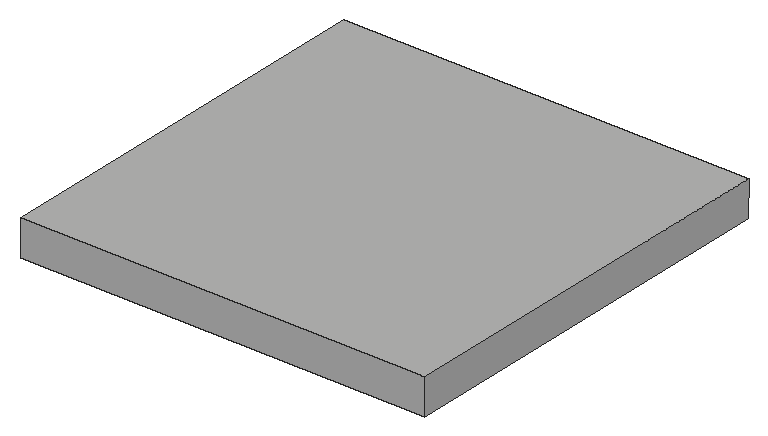
Revit family "Lum_Teto_Quadrada", category Lighting Fixtures, host Ceiling, Revit 2025
Family settings
  Host = Ceiling
  Round Connector Dimension = Use Diameter
  Part Type = Normal
  OmniClass Number = 23.80.70.11
  OmniClass Title = Luminaries for Internal Lighting
  Always vertical = Yes
  Cut with Voids When Loaded = No
  Light Source = Yes
  Maintain Annotation Orientation = No
  Shared = No
  Room Calculation Point = Yes
Parameters (values of type "LUMI_Q")
  Wattage = 16.1571 W
  built-in parameter 1150110 = 1 (stored number, unit not read)
  built-in parameter 1114217 = 1 (stored number, unit not read)
  built-in parameter 1150109 = 1 (stored number, unit not read)
  built-in parameter 1150134 = (empty or 0)
  built-in parameter 1150113 = 1 (stored number, unit not read)
  Lumens = 2400 lm
  built-in parameter 1150115 = 1 (stored number, unit not read)
  built-in parameter 1150105 = 763.94 (stored number, unit not read)
  Light Source Symbol Size = 0.100 m
  built-in parameter 1150137 = (empty or 0)
  built-in parameter 1150139 = (empty or 0)
  built-in parameter 1150112 = 1 (stored number, unit not read)
  built-in parameter 1150114 = 1 (stored number, unit not read)
  L = 0.450 m
  built-in parameter 1150132 = 2
  built-in parameter 1150102 = (empty or 0)
  built-in parameter 1150138 = (empty or 0)
  built-in parameter 1150107 = 3000 (stored number, unit not read)
  built-in parameter 1150106 = 7.6394 (stored number, unit not read)
  Emit from Rectangle Width = 0.300 m
  Emit from Rectangle Length = 0.300 m
  Emit Shape Visible in Rendering = no
  built-in parameter 1150104 = 13.8 (stored number, unit not read)
  Dimming Lamp Color Temperature Shift = <None>
  Diffuser = Opal Diffuser
  Default Elevation = 0.000 m
  Color Filter = 16777215
  C = 0.450 m
  Body = Aluminum Housing
  built-in parameter 1114218 = 1 (stored number, unit not read)
  built-in parameter 1150133 = 10 (stored number, unit not read)
  A = 0.040 m
Reference planes (m)
  plane 1 "Light Source Axis (F/B)": y = 0
  plane 2 "Ceiling": z = 2.4384
  plane 3 "Light Source Axis (L/R)": x = 0
  plane 4 "Light Source Elevation": z = 2.3984
Forms (m)
  Extrusion 1, solid, material "Aluminum Housing" <- "Body"
    sketch origin (0, 0, 2.3984) x (0, -1, 0) y (1, 0, 0)
      loop
        line (-0.225, -0.225) -> (0.225, -0.225) -> (0.225, 0.225) -> (-0.225, 0.225) -> (-0.225, -0.225)
    from 0 to 0.04
Dimensions and locks (m)
  equal spacing: host sketch curve, plane 3 "Light Source Axis (L/R)", host sketch curve
  equal spacing: host sketch curve, plane 1 "Light Source Axis (F/B)", host sketch curve
  host sketch curve to host sketch curve = 3.048 m  (x2)
  equal spacing: Extrusion 1, plane 3 "Light Source Axis (L/R)", Extrusion 1
  equal spacing: Extrusion 1, plane 1 "Light Source Axis (F/B)", Extrusion 1
  "C": Extrusion 1 to Extrusion 1
  "L": Extrusion 1 to Extrusion 1
  "A": plane 2 "Ceiling" to plane 4 "Light Source Elevation"
  aligned and locked: imposter light to plane 3 "Light Source Axis (L/R)"
  aligned and locked: plane 1 "Light Source Axis (F/B)" to imposter light
  aligned and locked: plane 4 "Light Source Elevation" to imposter light
  aligned and locked: plane 2 "Ceiling" to Extrusion 1
Automatic sketch dimensions
  Extrusion 1 sketch curve to plane 1 "Light Source Axis (F/B)" = 0.225 m
  plane 1 "Light Source Axis (F/B)" to Extrusion 1 sketch curve = 0.225 m
  Extrusion 1 sketch curve to plane 3 "Light Source Axis (L/R)" = 0.225 m
  plane 3 "Light Source Axis (L/R)" to Extrusion 1 sketch curve = 0.225 m
